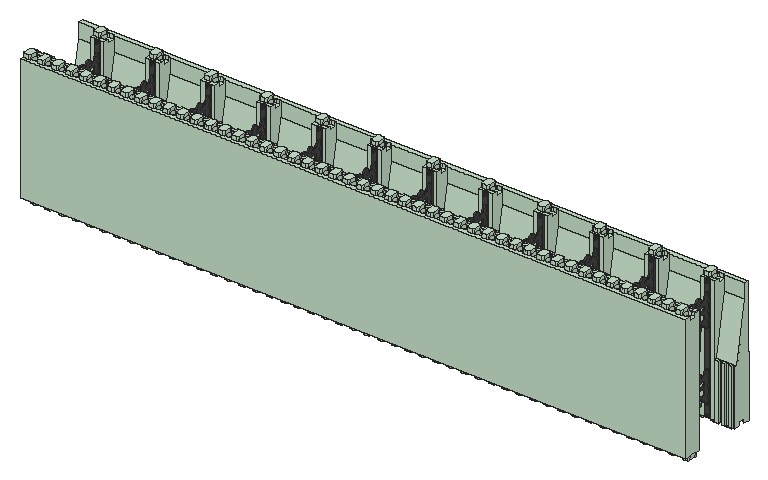
Revit family (continued)
Forms (in)
  Extrusion 172, solid, material "EPs- NUDURA- Foam Panel"
    sketch origin (0, 0, 0) x (1, 0, 0) y (0, 1, 0)
      loop
        line (6.28117, 3.25) -> (6.21883, 3) -> (6.78117, 3) -> (6.71883, 3.25) -> (6.28117, 3.25)
      loop
        line (7.28117, 3.25) -> (7.21883, 3) -> (7.78117, 3) -> (7.71883, 3.25) -> (7.28117, 3.25)
      loop
        line (8.28117, 3.25) -> (8.21883, 3) -> (8.78117, 3) -> (8.71883, 3.25) -> (8.28117, 3.25)
      loop
        line (9.28117, 3.25) -> (9.21883, 3) -> (9.78117, 3) -> (9.71883, 3.25) -> (9.28117, 3.25)
      loop
        line (10.28117, 3.25) -> (10.21883, 3) -> (10.78117, 3) -> (10.71883, 3.25) -> (10.28117, 3.25)
      loop
        line (13.28117, 3.25) -> (13.21883, 3) -> (13.78117, 3) -> (13.71883, 3.25) -> (13.28117, 3.25)
      loop
        line (14.28117, 3.25) -> (14.21883, 3) -> (14.78117, 3) -> (14.71883, 3.25) -> (14.28117, 3.25)
      loop
        line (15.28117, 3.25) -> (15.21883, 3) -> (15.78117, 3) -> (15.71883, 3.25) -> (15.28117, 3.25)
      loop
        line (16.28117, 3.25) -> (16.21883, 3) -> (16.78117, 3) -> (16.71883, 3.25) -> (16.28117, 3.25)
      loop
        line (17.28117, 3.25) -> (17.21883, 3) -> (17.78117, 3) -> (17.71883, 3.25) -> (17.28117, 3.25)
      loop
        line (18.28117, 3.25) -> (18.21883, 3) -> (18.78117, 3) -> (18.71883, 3.25) -> (18.28117, 3.25)
      loop
        line (21.28117, 3.25) -> (21.21883, 3) -> (21.78117, 3) -> (21.71883, 3.25) -> (21.28117, 3.25)
      loop
        line (22.28117, 3.25) -> (22.21883, 3) -> (22.78117, 3) -> (22.71883, 3.25) -> (22.28117, 3.25)
      loop
        line (23.28117, 3.25) -> (23.21883, 3) -> (23.78117, 3) -> (23.71883, 3.25) -> (23.28117, 3.25)
      loop
        line (24.28117, 3.25) -> (24.21883, 3) -> (24.78117, 3) -> (24.71883, 3.25) -> (24.28117, 3.25)
      loop
        line (25.28117, 3.25) -> (25.21883, 3) -> (25.78117, 3) -> (25.71883, 3.25) -> (25.28117, 3.25)
      loop
        line (26.28117, 3.25) -> (26.21883, 3) -> (26.78117, 3) -> (26.71883, 3.25) -> (26.28117, 3.25)
      loop
        line (29.28117, 3.25) -> (29.21883, 3) -> (29.78117, 3) -> (29.71883, 3.25) -> (29.28117, 3.25)
      loop
        line (30.28117, 3.25) -> (30.21883, 3) -> (30.78117, 3) -> (30.71883, 3.25) -> (30.28117, 3.25)
      loop
        line (31.28117, 3.25) -> (31.21883, 3) -> (31.78117, 3) -> (31.71883, 3.25) -> (31.28117, 3.25)
      loop
        line (32.28117, 3.25) -> (32.21883, 3) -> (32.78117, 3) -> (32.71883, 3.25) -> (32.28117, 3.25)
      loop
        line (33.28117, 3.25) -> (33.21883, 3) -> (33.78117, 3) -> (33.71883, 3.25) -> (33.28117, 3.25)
      loop
        line (34.28117, 3.25) -> (34.21883, 3) -> (34.78117, 3) -> (34.71883, 3.25) -> (34.28117, 3.25)
      loop
        line (37.28117, 3.25) -> (37.21883, 3) -> (37.78117, 3) -> (37.71883, 3.25) -> (37.28117, 3.25)
      loop
        line (38.28117, 3.25) -> (38.21883, 3) -> (38.78117, 3) -> (38.71883, 3.25) -> (38.28117, 3.25)
      loop
        line (39.28117, 3.25) -> (39.21883, 3) -> (39.78117, 3) -> (39.71883, 3.25) -> (39.28117, 3.25)
      loop
        line (40.28117, 3.25) -> (40.21883, 3) -> (40.78117, 3) -> (40.71883, 3.25) -> (40.28117, 3.25)
      loop
        line (41.28117, 3.25) -> (41.21883, 3) -> (41.78117, 3) -> (41.71883, 3.25) -> (41.28117, 3.25)
      loop
        line (42.28117, 3.25) -> (42.21883, 3) -> (42.78117, 3) -> (42.71883, 3.25) -> (42.28117, 3.25)
      loop
        line (45.28117, 3.25) -> (45.21883, 3) -> (45.78117, 3) -> (45.71883, 3.25) -> (45.28117, 3.25)
      loop
        line (46.28117, 3.25) -> (46.21883, 3) -> (46.78117, 3) -> (46.71883, 3.25) -> (46.28117, 3.25)
      loop
        line (47.28117, 3.25) -> (47.21883, 3) -> (47.78117, 3) -> (47.71883, 3.25) -> (47.28117, 3.25)
      loop
        line (48.28117, 3.25) -> (48.21883, 3) -> (48.78117, 3) -> (48.71883, 3.25) -> (48.28117, 3.25)
      loop
        line (49.28117, 3.25) -> (49.21883, 3) -> (49.78117, 3) -> (49.71883, 3.25) -> (49.28117, 3.25)
      loop
        line (50.28117, 3.25) -> (50.21883, 3) -> (50.78117, 3) -> (50.71883, 3.25) -> (50.28117, 3.25)
      loop
        line (53.28117, 3.25) -> (53.21883, 3) -> (53.78117, 3) -> (53.71883, 3.25) -> (53.28117, 3.25)
      loop
        line (54.28117, 3.25) -> (54.21883, 3) -> (54.78117, 3) -> (54.71883, 3.25) -> (54.28117, 3.25)
      loop
        line (55.28117, 3.25) -> (55.21883, 3) -> (55.78117, 3) -> (55.71883, 3.25) -> (55.28117, 3.25)
      loop
        line (56.28117, 3.25) -> (56.21883, 3) -> (56.78117, 3) -> (56.71883, 3.25) -> (56.28117, 3.25)
      loop
        line (57.28117, 3.25) -> (57.21883, 3) -> (57.78117, 3) -> (57.71883, 3.25) -> (57.28117, 3.25)
      loop
        line (58.28117, 3.25) -> (58.21883, 3) -> (58.78117, 3) -> (58.71883, 3.25) -> (58.28117, 3.25)
      loop
        line (61.28117, 3.25) -> (61.21883, 3) -> (61.78117, 3) -> (61.71883, 3.25) -> (61.28117, 3.25)
      loop
        line (62.28117, 3.25) -> (62.21883, 3) -> (62.78117, 3) -> (62.71883, 3.25) -> (62.28117, 3.25)
      loop
        line (63.28117, 3.25) -> (63.21883, 3) -> (63.78117, 3) -> (63.71883, 3.25) -> (63.28117, 3.25)
      loop
        line (64.28117, 3.25) -> (64.21883, 3) -> (64.78117, 3) -> (64.71883, 3.25) -> (64.28117, 3.25)
      loop
        line (65.28117, 3.25) -> (65.21883, 3) -> (65.78117, 3) -> (65.71883, 3.25) -> (65.28117, 3.25)
      loop
        line (66.28117, 3.25) -> (66.21883, 3) -> (66.78117, 3) -> (66.71883, 3.25) -> (66.28117, 3.25)
      loop
        line (69.28117, 3.25) -> (69.21883, 3) -> (69.78117, 3) -> (69.71883, 3.25) -> (69.28117, 3.25)
      loop
        line (70.28117, 3.25) -> (70.21883, 3) -> (70.78117, 3) -> (70.71883, 3.25) -> (70.28117, 3.25)
      loop
        line (71.28117, 3.25) -> (71.21883, 3) -> (71.78117, 3) -> (71.71883, 3.25) -> (71.28117, 3.25)
      loop
        line (72.28117, 3.25) -> (72.21883, 3) -> (72.78117, 3) -> (72.71883, 3.25) -> (72.28117, 3.25)
      loop
        line (73.28117, 3.25) -> (73.21883, 3) -> (73.78117, 3) -> (73.71883, 3.25) -> (73.28117, 3.25)
      loop
        line (74.28117, 3.25) -> (74.21883, 3) -> (74.78117, 3) -> (74.71883, 3.25) -> (74.28117, 3.25)
      loop
        line (77.28117, 3.25) -> (77.21883, 3) -> (77.78117, 3) -> (77.71883, 3.25) -> (77.28117, 3.25)
      loop
        line (78.28117, 3.25) -> (78.21883, 3) -> (78.78117, 3) -> (78.71883, 3.25) -> (78.28117, 3.25)
      loop
        line (79.28117, 3.25) -> (79.21883, 3) -> (79.78117, 3) -> (79.71883, 3.25) -> (79.28117, 3.25)
      loop
        line (80.28117, 3.25) -> (80.21883, 3) -> (80.78117, 3) -> (80.71883, 3.25) -> (80.28117, 3.25)
      loop
        line (81.28117, 3.25) -> (81.21883, 3) -> (81.78117, 3) -> (81.71883, 3.25) -> (81.28117, 3.25)
      loop
        line (82.28117, 3.25) -> (82.21883, 3) -> (82.78117, 3) -> (82.71883, 3.25) -> (82.28117, 3.25)
      loop
        line (85.28117, 3.25) -> (85.21883, 3) -> (85.78117, 3) -> (85.71883, 3.25) -> (85.28117, 3.25)
      loop
        line (86.28117, 3.25) -> (86.21883, 3) -> (86.78117, 3) -> (86.71883, 3.25) -> (86.28117, 3.25)
      loop
        line (87.28117, 3.25) -> (87.21883, 3) -> (87.78117, 3) -> (87.71883, 3.25) -> (87.28117, 3.25)
      loop
        line (88.28117, 3.25) -> (88.21883, 3) -> (88.78117, 3) -> (88.71883, 3.25) -> (88.28117, 3.25)
      loop
        line (89.28117, 3.25) -> (89.21883, 3) -> (89.78117, 3) -> (89.71883, 3.25) -> (89.28117, 3.25)
      loop
        line (90.28117, 3.25) -> (90.21883, 3) -> (90.78117, 3) -> (90.71883, 3.25) -> (90.28117, 3.25)
      loop
        line (93.28117, 3.25) -> (93.21883, 3) -> (93.78117, 3) -> (93.71883, 3.25) -> (93.28117, 3.25)
      loop
        line (94.28117, 3.25) -> (94.21883, 3) -> (94.78117, 3) -> (94.71883, 3.25) -> (94.28117, 3.25)
      loop
        line (95.28117, 3.25) -> (95.21883, 3) -> (95.78117, 3) -> (95.71883, 3.25) -> (95.28117, 3.25)
    from 0 to 8
Cuts and joins
  Extrusion 2, Extrusion 3, Extrusion 4, Extrusion 5, Extrusion 6, Extrusion 7, Extrusion 8, Extrusion 9, Extrusion 10, Extrusion 11, Extrusion 12, Extrusion 13, Extrusion 14, Extrusion 15, Extrusion 16, Extrusion 17, Extrusion 18, Extrusion 19, Extrusion 20, Extrusion 21, Extrusion 22, Extrusion 23, Extrusion 24, Extrusion 25, Extrusion 26, Extrusion 27, Extrusion 28, Extrusion 29, Extrusion 30, Extrusion 31, Extrusion 32, Extrusion 33, Extrusion 34, Extrusion 35, Extrusion 36, Extrusion 37, Extrusion 38, Extrusion 39, Extrusion 40, Extrusion 41, Extrusion 42, Extrusion 43, Extrusion 44, Extrusion 45, Extrusion 46, Extrusion 47, Extrusion 48, Extrusion 49, Extrusion 50, Extrusion 51, Extrusion 52, Extrusion 53, Extrusion 54, Extrusion 55, Extrusion 56, Extrusion 57, Extrusion 58, Extrusion 59, Extrusion 60, Extrusion 61, Extrusion 62, Extrusion 63, Extrusion 64, Extrusion 65, Extrusion 66, Extrusion 67, Extrusion 68, Extrusion 69, Extrusion 70, Extrusion 71, Extrusion 72, Extrusion 73, Extrusion 74, Extrusion 75, Extrusion 76, Extrusion 77, Extrusion 78, Extrusion 79, Extrusion 80, Extrusion 81, Extrusion 82, Extrusion 83, Extrusion 84, Extrusion 85, Extrusion 86, Extrusion 87, Extrusion 88, Extrusion 89, Extrusion 90, Extrusion 91, Extrusion 92, Extrusion 93, Extrusion 94, Extrusion 95, Extrusion 96, Extrusion 97, Extrusion 98, Extrusion 99, Extrusion 100, Extrusion 101, Extrusion 102, Extrusion 103, Extrusion 104, Extrusion 105, Extrusion 106, Extrusion 107, Extrusion 108, Extrusion 109, Extrusion 110, Extrusion 111, Extrusion 112, Extrusion 113, Extrusion 114, Extrusion 115, Extrusion 116, Extrusion 117, Extrusion 118, Extrusion 119, Extrusion 120, Extrusion 121, Extrusion 122, Extrusion 123, Extrusion 124, Extrusion 125, Extrusion 126, Extrusion 127, Extrusion 128, Extrusion 129, Extrusion 130, Extrusion 131, Extrusion 132, Extrusion 133, Extrusion 134, Extrusion 135, Extrusion 136, Extrusion 137, Extrusion 138, Extrusion 139, Extrusion 140, Extrusion 141, Extrusion 142, Extrusion 143, Extrusion 144, Extrusion 145, Extrusion 146, Extrusion 147, Extrusion 148, Extrusion 149, Extrusion 150, Extrusion 151, Extrusion 152, Extrusion 153, Extrusion 154, Extrusion 155, Extrusion 156, Extrusion 157 cuts Extrusion 1
  Extrusion 50, Extrusion 51, Extrusion 52, Extrusion 53, Extrusion 54, Extrusion 55, Extrusion 56, Extrusion 57, Extrusion 58, Extrusion 59, Extrusion 60, Extrusion 61, Extrusion 110, Extrusion 111, Extrusion 112, Extrusion 113, Extrusion 114, Extrusion 115, Extrusion 116, Extrusion 117, Extrusion 118, Extrusion 119, Extrusion 120, Extrusion 121, Extrusion 122, Extrusion 123, Extrusion 124, Extrusion 125, Extrusion 126, Extrusion 127, Extrusion 128, Extrusion 129, Extrusion 130, Extrusion 131, Extrusion 132, Extrusion 133, Extrusion 134, Extrusion 135, Extrusion 136, Extrusion 137, Extrusion 138, Extrusion 139, Extrusion 140, Extrusion 141, Extrusion 142, Extrusion 143, Extrusion 144, Extrusion 145, Extrusion 146, Extrusion 147, Extrusion 148, Extrusion 149, Extrusion 150, Extrusion 151, Extrusion 152, Extrusion 153, Extrusion 154, Extrusion 155, Extrusion 156, Extrusion 157 cuts Extrusion 158
  Extrusion 61 cuts Extrusion 159
  Extrusion 60 cuts Extrusion 160
  Extrusion 59 cuts Extrusion 161
  Extrusion 58 cuts Extrusion 162
  Extrusion 57 cuts Extrusion 163
  Extrusion 56 cuts Extrusion 164
  Extrusion 55 cuts Extrusion 165
  Extrusion 54 cuts Extrusion 166
  Extrusion 53 cuts Extrusion 167
  Extrusion 53 cuts Extrusion 168
  Extrusion 52 cuts Extrusion 169
  Extrusion 51 cuts Extrusion 170
  Extrusion 50 cuts Extrusion 171
  joined: Extrusion 158, Extrusion 159, Extrusion 160, Extrusion 161, Extrusion 162, Extrusion 163, Extrusion 164, Extrusion 165, Extrusion 166, Extrusion 167, Extrusion 168, Extrusion 169, Extrusion 170, Extrusion 171, Extrusion 172
Lines and regions (in)
  model lines
    curve 1: line (8, -5.625, 18) -> (8, -5.625, 0)
    curve 2: line (88, 5.625, 18) -> (88, 5.625, 0)
    curve 3: line (64, 5.625, 18) -> (64, 5.625, 0)
    curve 4: line (40, 5.625, 18) -> (40, 5.625, 0)
    curve 5: line (16, 5.625, 18) -> (16, 5.625, 0)
Dimensions and locks (in)
  locked: plane 3 "Center (Left/Right)" to plane 4 at 96
  locked: plane 6 to plane 5 at 6
  equal spacing: plane 6, plane 1 "Center (Front/Back)", plane 5
  locked: plane 5 to plane 7 at 2.625
  locked: plane 8 to plane 6 at 2.625
  locked: plane 9 to level at 18
  locked: plane 4 to plane 3 "Center (Left/Right)" at 96
  locked: plane 9 to plane 10 at 0.5
  locked: plane 11 to level at 0.5
  aligned and locked: plane 9 to Extrusion 1
  aligned and locked: Extrusion 1 to plane 3 "Center (Left/Right)"
  aligned and locked: plane 4 to Extrusion 1
  aligned and locked: level to Extrusion 1
  aligned and locked: nested 1 to plane 8
  aligned and locked: nested 124 to cut or joined group of Extrusion 1, Extrusion 2, Extrusion 3, Extrusion 4, Extrusion 5, Extrusion 6, Extrusion 7, Extrusion 8, Extrusion 9, Extrusion 10, Extrusion 11, Extrusion 12, Extrusion 13, Extrusion 14, Extrusion 15, Extrusion 16, Extrusion 17, Extrusion 18, Extrusion 19, Extrusion 20, Extrusion 21, Extrusion 22, Extrusion 23, Extrusion 24, Extrusion 25, Extrusion 26, Extrusion 27, Extrusion 28, Extrusion 29, Extrusion 30, Extrusion 31, Extrusion 32, Extrusion 33, Extrusion 34, Extrusion 35, Extrusion 36, Extrusion 37, Extrusion 38, Extrusion 39, Extrusion 40, Extrusion 41, Extrusion 42, Extrusion 43, Extrusion 44, Extrusion 45, Extrusion 46, Extrusion 47, Extrusion 48, Extrusion 49, Extrusion 50, Extrusion 51, Extrusion 52, Extrusion 53, Extrusion 54, Extrusion 55, Extrusion 56, Extrusion 57, Extrusion 58, Extrusion 59, Extrusion 60, Extrusion 61, Extrusion 62, Extrusion 63, Extrusion 64, Extrusion 65, Extrusion 66, Extrusion 67, Extrusion 68, Extrusion 69, Extrusion 70, Extrusion 71, Extrusion 72, Extrusion 73, Extrusion 74, Extrusion 75, Extrusion 76, Extrusion 77, Extrusion 78, Extrusion 79, Extrusion 80, Extrusion 81, Extrusion 82, Extrusion 83, Extrusion 84, Extrusion 85, Extrusion 86, Extrusion 87, Extrusion 88, Extrusion 89, Extrusion 90, Extrusion 91, Extrusion 92, Extrusion 93, Extrusion 94, Extrusion 95, Extrusion 96, Extrusion 97, Extrusion 98, Extrusion 99, Extrusion 100, Extrusion 101, Extrusion 102, Extrusion 103, Extrusion 104, Extrusion 105, Extrusion 106, Extrusion 107, Extrusion 108, Extrusion 109, Extrusion 110, Extrusion 111, Extrusion 112, Extrusion 113, Extrusion 114, Extrusion 115, Extrusion 116, Extrusion 117, Extrusion 118, Extrusion 119, Extrusion 120, Extrusion 121, Extrusion 122, Extrusion 123, Extrusion 124, Extrusion 125, Extrusion 126, Extrusion 127, Extrusion 128, Extrusion 129, Extrusion 130, Extrusion 131, Extrusion 132, Extrusion 133, Extrusion 134, Extrusion 135, Extrusion 136, Extrusion 137, Extrusion 138, Extrusion 139, Extrusion 140, Extrusion 141, Extrusion 142, Extrusion 143, Extrusion 144, Extrusion 145, Extrusion 146, Extrusion 147, Extrusion 148, Extrusion 149, Extrusion 150, Extrusion 151, Extrusion 152, Extrusion 153, Extrusion 154, Extrusion 155, Extrusion 156, Extrusion 157
Automatic sketch dimensions
  Extrusion 1 sketch curve to plane 3 "Center (Left/Right)" = 0' - 0"
  plane 6 to Extrusion 1 sketch curve = 0' - 0"  (x72)
  Extrusion 1 sketch curve to plane 4 = 0' - 0"
  plane 8 to Extrusion 1 sketch curve = 0' - 0"
  plane 3 "Center (Left/Right)" to Extrusion 1 sketch curve = 0' - 0.21883"
  Extrusion 1 sketch curve to Extrusion 1 sketch curve = 0' - 0.06233"  (x143)
  plane 6 to Extrusion 1 sketch curve = 0' - 0 1/4"  (x73)
  Extrusion 1 sketch curve to Extrusion 1 sketch curve = 0' - 0.43767"  (x130)
  Extrusion 1 sketch curve to Extrusion 1 sketch curve = 0' - 2.43767"  (x12)
  Extrusion 1 sketch curve to plane 4 = 0' - 0.28117"
  Extrusion 1 sketch curve to plane 4 = 0' - 0.21883"
  plane 3 "Center (Left/Right)" to Extrusion 2 sketch curve = 0' - 1"
  Extrusion 2 sketch curve to Extrusion 2 sketch curve = 0' - 0.17308"  (x2)
  Extrusion 2 sketch curve to Extrusion 2 sketch curve = 0' - 0"  (x5)
  Extrusion 2 sketch curve to Extrusion 2 sketch curve = 0' - 0 1/4"  (x5)
  Extrusion 2 sketch curve to Extrusion 2 sketch curve = 0' - 0.17323"
  Extrusion 2 sketch curve to Extrusion 2 sketch curve = 0' - 0.01019"
  Extrusion 2 sketch curve to Extrusion 2 sketch curve = 0' - 0.07677"
  Extrusion 2 sketch curve to Extrusion 2 sketch curve = 0' - 0.07692"
  Extrusion 2 sketch curve to Extrusion 2 sketch curve = 0' - 0.17083"
  Extrusion 2 sketch curve to Extrusion 2 sketch curve = 0' - 0.01665"
  Extrusion 2 sketch curve to plane 8 = 0' - 0.48905"
  Extrusion 2 sketch curve to Extrusion 2 sketch curve = 0' - 0.14808"
  Extrusion 2 sketch curve to Extrusion 2 sketch curve = 0' - 0.33686"
  Extrusion 2 sketch curve to Extrusion 2 sketch curve = 0' - 0.2216"
  Extrusion 3 sketch curve to plane 8 = 0' - 0.72692"
  plane 3 "Center (Left/Right)" to Extrusion 3 sketch curve = 0' - 3"
  Extrusion 3 sketch curve to Extrusion 3 sketch curve = 0' - 0.17308"  (x2)
  Extrusion 3 sketch curve to Extrusion 3 sketch curve = 0' - 0"  (x5)
  Extrusion 3 sketch curve to Extrusion 3 sketch curve = 0' - 0 1/4"  (x4)
  Extrusion 3 sketch curve to Extrusion 3 sketch curve = 0' - 0.07692"  (x2)
  Extrusion 3 sketch curve to Extrusion 3 sketch curve = 0' - 0.17323"
  Extrusion 3 sketch curve to Extrusion 3 sketch curve = 0' - 0.01019"
  Extrusion 3 sketch curve to Extrusion 3 sketch curve = 0' - 0.07677"
  Extrusion 3 sketch curve to Extrusion 3 sketch curve = 0' - 0.17083"
  Extrusion 3 sketch curve to Extrusion 3 sketch curve = 0' - 0.01665"
  Extrusion 3 sketch curve to Extrusion 3 sketch curve = 0' - 0.14808"
  Extrusion 3 sketch curve to Extrusion 3 sketch curve = 0' - 0.33686"
  Extrusion 3 sketch curve to Extrusion 3 sketch curve = 0' - 0.2216"
  Extrusion 4 sketch curve to plane 8 = 0' - 0.72692"
  plane 3 "Center (Left/Right)" to Extrusion 4 sketch curve = 0' - 5"
  Extrusion 4 sketch curve to Extrusion 4 sketch curve = 0' - 0.17308"  (x2)
  Extrusion 4 sketch curve to Extrusion 4 sketch curve = 0' - 0"  (x5)
  Extrusion 4 sketch curve to Extrusion 4 sketch curve = 0' - 0 1/4"  (x4)
  Extrusion 4 sketch curve to Extrusion 4 sketch curve = 0' - 0.07692"  (x2)
  Extrusion 4 sketch curve to Extrusion 4 sketch curve = 0' - 0.17323"
  Extrusion 4 sketch curve to Extrusion 4 sketch curve = 0' - 0.01019"
  Extrusion 4 sketch curve to Extrusion 4 sketch curve = 0' - 0.07677"
  Extrusion 4 sketch curve to Extrusion 4 sketch curve = 0' - 0.17083"
  Extrusion 4 sketch curve to Extrusion 4 sketch curve = 0' - 0.01665"
  Extrusion 4 sketch curve to Extrusion 4 sketch curve = 0' - 0.14808"
  Extrusion 4 sketch curve to Extrusion 4 sketch curve = 0' - 0.33686"
  Extrusion 4 sketch curve to Extrusion 4 sketch curve = 0' - 0.2216"
  Extrusion 5 sketch curve to plane 8 = 0' - 0.72692"
  plane 3 "Center (Left/Right)" to Extrusion 5 sketch curve = 0' - 7"
  Extrusion 5 sketch curve to Extrusion 5 sketch curve = 0' - 0.17308"  (x2)
  Extrusion 5 sketch curve to Extrusion 5 sketch curve = 0' - 0"  (x5)
  Extrusion 5 sketch curve to Extrusion 5 sketch curve = 0' - 0 1/4"  (x4)
  Extrusion 5 sketch curve to Extrusion 5 sketch curve = 0' - 0.07692"  (x2)
  Extrusion 5 sketch curve to Extrusion 5 sketch curve = 0' - 0.17323"
  Extrusion 5 sketch curve to Extrusion 5 sketch curve = 0' - 0.01019"
  Extrusion 5 sketch curve to Extrusion 5 sketch curve = 0' - 0.07677"
  Extrusion 5 sketch curve to Extrusion 5 sketch curve = 0' - 0.17083"
  Extrusion 5 sketch curve to Extrusion 5 sketch curve = 0' - 0.01665"
  Extrusion 5 sketch curve to Extrusion 5 sketch curve = 0' - 0.14808"
  Extrusion 5 sketch curve to Extrusion 5 sketch curve = 0' - 0.33686"
  Extrusion 5 sketch curve to Extrusion 5 sketch curve = 0' - 0.2216"
  Extrusion 6 sketch curve to plane 8 = 0' - 0.72692"
  plane 3 "Center (Left/Right)" to Extrusion 6 sketch curve = 0' - 9"
  Extrusion 6 sketch curve to Extrusion 6 sketch curve = 0' - 0.17308"  (x2)
  Extrusion 6 sketch curve to Extrusion 6 sketch curve = 0' - 0"  (x5)
  Extrusion 6 sketch curve to Extrusion 6 sketch curve = 0' - 0 1/4"  (x4)
  Extrusion 6 sketch curve to Extrusion 6 sketch curve = 0' - 0.07692"  (x2)
  Extrusion 6 sketch curve to Extrusion 6 sketch curve = 0' - 0.17323"
  Extrusion 6 sketch curve to Extrusion 6 sketch curve = 0' - 0.01019"
  Extrusion 6 sketch curve to Extrusion 6 sketch curve = 0' - 0.07677"
  Extrusion 6 sketch curve to Extrusion 6 sketch curve = 0' - 0.17083"
  Extrusion 6 sketch curve to Extrusion 6 sketch curve = 0' - 0.01665"
  Extrusion 6 sketch curve to Extrusion 6 sketch curve = 0' - 0.14808"
  Extrusion 6 sketch curve to Extrusion 6 sketch curve = 0' - 0.33686"
  Extrusion 6 sketch curve to Extrusion 6 sketch curve = 0' - 0.2216"
  Extrusion 7 sketch curve to plane 8 = 0' - 0.72692"
  plane 3 "Center (Left/Right)" to Extrusion 7 sketch curve = 0' - 11"
  Extrusion 7 sketch curve to Extrusion 7 sketch curve = 0' - 0.17308"  (x2)
  Extrusion 7 sketch curve to Extrusion 7 sketch curve = 0' - 0"  (x5)
  Extrusion 7 sketch curve to Extrusion 7 sketch curve = 0' - 0 1/4"  (x4)
  Extrusion 7 sketch curve to Extrusion 7 sketch curve = 0' - 0.07692"  (x2)
  Extrusion 7 sketch curve to Extrusion 7 sketch curve = 0' - 0.17323"
  Extrusion 7 sketch curve to Extrusion 7 sketch curve = 0' - 0.01019"
  Extrusion 7 sketch curve to Extrusion 7 sketch curve = 0' - 0.07677"
  Extrusion 7 sketch curve to Extrusion 7 sketch curve = 0' - 0.17083"
  Extrusion 7 sketch curve to Extrusion 7 sketch curve = 0' - 0.01665"
  Extrusion 7 sketch curve to Extrusion 7 sketch curve = 0' - 0.14808"
  Extrusion 7 sketch curve to Extrusion 7 sketch curve = 0' - 0.33686"
  Extrusion 7 sketch curve to Extrusion 7 sketch curve = 0' - 0.2216"
  Extrusion 8 sketch curve to plane 8 = 0' - 0.72692"
  plane 3 "Center (Left/Right)" to Extrusion 8 sketch curve = 1' - 1"
  Extrusion 8 sketch curve to Extrusion 8 sketch curve = 0' - 0.17308"  (x2)
  Extrusion 8 sketch curve to Extrusion 8 sketch curve = 0' - 0"  (x5)
  Extrusion 8 sketch curve to Extrusion 8 sketch curve = 0' - 0 1/4"  (x4)
  Extrusion 8 sketch curve to Extrusion 8 sketch curve = 0' - 0.07692"  (x2)
  Extrusion 8 sketch curve to Extrusion 8 sketch curve = 0' - 0.17323"
  Extrusion 8 sketch curve to Extrusion 8 sketch curve = 0' - 0.01019"
  Extrusion 8 sketch curve to Extrusion 8 sketch curve = 0' - 0.07677"
  Extrusion 8 sketch curve to Extrusion 8 sketch curve = 0' - 0.17083"
  Extrusion 8 sketch curve to Extrusion 8 sketch curve = 0' - 0.01665"
  Extrusion 8 sketch curve to Extrusion 8 sketch curve = 0' - 0.14808"
  Extrusion 8 sketch curve to Extrusion 8 sketch curve = 0' - 0.33686"
  Extrusion 8 sketch curve to Extrusion 8 sketch curve = 0' - 0.2216"
  Extrusion 9 sketch curve to plane 8 = 0' - 0.72692"
  plane 3 "Center (Left/Right)" to Extrusion 9 sketch curve = 1' - 3"
  Extrusion 9 sketch curve to Extrusion 9 sketch curve = 0' - 0.17308"  (x2)
  Extrusion 9 sketch curve to Extrusion 9 sketch curve = 0' - 0"  (x5)
  Extrusion 9 sketch curve to Extrusion 9 sketch curve = 0' - 0 1/4"  (x4)
  Extrusion 9 sketch curve to Extrusion 9 sketch curve = 0' - 0.07692"  (x2)
  Extrusion 9 sketch curve to Extrusion 9 sketch curve = 0' - 0.17323"
  Extrusion 9 sketch curve to Extrusion 9 sketch curve = 0' - 0.01019"
  Extrusion 9 sketch curve to Extrusion 9 sketch curve = 0' - 0.07677"
  Extrusion 9 sketch curve to Extrusion 9 sketch curve = 0' - 0.17083"
  Extrusion 9 sketch curve to Extrusion 9 sketch curve = 0' - 0.01665"
  Extrusion 9 sketch curve to Extrusion 9 sketch curve = 0' - 0.14808"
  Extrusion 9 sketch curve to Extrusion 9 sketch curve = 0' - 0.33686"
  Extrusion 9 sketch curve to Extrusion 9 sketch curve = 0' - 0.2216"
  Extrusion 10 sketch curve to plane 8 = 0' - 0.72692"
  plane 3 "Center (Left/Right)" to Extrusion 10 sketch curve = 1' - 5"
  Extrusion 10 sketch curve to Extrusion 10 sketch curve = 0' - 0.17308"  (x2)
  Extrusion 10 sketch curve to Extrusion 10 sketch curve = 0' - 0"  (x5)
  Extrusion 10 sketch curve to Extrusion 10 sketch curve = 0' - 0 1/4"  (x4)
  Extrusion 10 sketch curve to Extrusion 10 sketch curve = 0' - 0.07692"  (x2)
  Extrusion 10 sketch curve to Extrusion 10 sketch curve = 0' - 0.17323"
  Extrusion 10 sketch curve to Extrusion 10 sketch curve = 0' - 0.01019"
  Extrusion 10 sketch curve to Extrusion 10 sketch curve = 0' - 0.07677"
  Extrusion 10 sketch curve to Extrusion 10 sketch curve = 0' - 0.17083"
  Extrusion 10 sketch curve to Extrusion 10 sketch curve = 0' - 0.01665"
  Extrusion 10 sketch curve to Extrusion 10 sketch curve = 0' - 0.14808"
  Extrusion 10 sketch curve to Extrusion 10 sketch curve = 0' - 0.33686"
  Extrusion 10 sketch curve to Extrusion 10 sketch curve = 0' - 0.2216"
  Extrusion 11 sketch curve to plane 8 = 0' - 0.72692"
  plane 3 "Center (Left/Right)" to Extrusion 11 sketch curve = 1' - 7"
  Extrusion 11 sketch curve to Extrusion 11 sketch curve = 0' - 0.17308"  (x2)
  Extrusion 11 sketch curve to Extrusion 11 sketch curve = 0' - 0"  (x5)
  Extrusion 11 sketch curve to Extrusion 11 sketch curve = 0' - 0 1/4"  (x4)
  Extrusion 11 sketch curve to Extrusion 11 sketch curve = 0' - 0.07692"  (x2)
  Extrusion 11 sketch curve to Extrusion 11 sketch curve = 0' - 0.17323"
  Extrusion 11 sketch curve to Extrusion 11 sketch curve = 0' - 0.01019"
  Extrusion 11 sketch curve to Extrusion 11 sketch curve = 0' - 0.07677"
  Extrusion 11 sketch curve to Extrusion 11 sketch curve = 0' - 0.17083"
  Extrusion 11 sketch curve to Extrusion 11 sketch curve = 0' - 0.01665"
  Extrusion 11 sketch curve to Extrusion 11 sketch curve = 0' - 0.14808"
  Extrusion 11 sketch curve to Extrusion 11 sketch curve = 0' - 0.33686"
  Extrusion 11 sketch curve to Extrusion 11 sketch curve = 0' - 0.2216"
  Extrusion 12 sketch curve to plane 8 = 0' - 0.72692"
  plane 3 "Center (Left/Right)" to Extrusion 12 sketch curve = 1' - 9"
  Extrusion 12 sketch curve to Extrusion 12 sketch curve = 0' - 0.17308"  (x2)
  Extrusion 12 sketch curve to Extrusion 12 sketch curve = 0' - 0"  (x5)
  Extrusion 12 sketch curve to Extrusion 12 sketch curve = 0' - 0 1/4"  (x4)
  Extrusion 12 sketch curve to Extrusion 12 sketch curve = 0' - 0.07692"  (x2)
  Extrusion 12 sketch curve to Extrusion 12 sketch curve = 0' - 0.17323"
  Extrusion 12 sketch curve to Extrusion 12 sketch curve = 0' - 0.01019"
  Extrusion 12 sketch curve to Extrusion 12 sketch curve = 0' - 0.07677"
  Extrusion 12 sketch curve to Extrusion 12 sketch curve = 0' - 0.17083"
  Extrusion 12 sketch curve to Extrusion 12 sketch curve = 0' - 0.01665"
  Extrusion 12 sketch curve to Extrusion 12 sketch curve = 0' - 0.14808"
  Extrusion 12 sketch curve to Extrusion 12 sketch curve = 0' - 0.33686"
  Extrusion 12 sketch curve to Extrusion 12 sketch curve = 0' - 0.2216"
  Extrusion 13 sketch curve to plane 8 = 0' - 0.72692"
  plane 3 "Center (Left/Right)" to Extrusion 13 sketch curve = 1' - 11"
  Extrusion 13 sketch curve to Extrusion 13 sketch curve = 0' - 0.17308"  (x2)
  Extrusion 13 sketch curve to Extrusion 13 sketch curve = 0' - 0"  (x5)
  Extrusion 13 sketch curve to Extrusion 13 sketch curve = 0' - 0 1/4"  (x4)
  Extrusion 13 sketch curve to Extrusion 13 sketch curve = 0' - 0.07692"  (x2)
  Extrusion 13 sketch curve to Extrusion 13 sketch curve = 0' - 0.17323"
  Extrusion 13 sketch curve to Extrusion 13 sketch curve = 0' - 0.01019"
  Extrusion 13 sketch curve to Extrusion 13 sketch curve = 0' - 0.07677"
  Extrusion 13 sketch curve to Extrusion 13 sketch curve = 0' - 0.17083"
  Extrusion 13 sketch curve to Extrusion 13 sketch curve = 0' - 0.01665"
  Extrusion 13 sketch curve to Extrusion 13 sketch curve = 0' - 0.14808"
  Extrusion 13 sketch curve to Extrusion 13 sketch curve = 0' - 0.33686"
  Extrusion 13 sketch curve to Extrusion 13 sketch curve = 0' - 0.2216"
  Extrusion 14 sketch curve to plane 8 = 0' - 0.72692"
  plane 3 "Center (Left/Right)" to Extrusion 14 sketch curve = 2' - 1"
  Extrusion 14 sketch curve to Extrusion 14 sketch curve = 0' - 0.17308"  (x2)
  Extrusion 14 sketch curve to Extrusion 14 sketch curve = 0' - 0"  (x5)
  Extrusion 14 sketch curve to Extrusion 14 sketch curve = 0' - 0 1/4"  (x4)
  Extrusion 14 sketch curve to Extrusion 14 sketch curve = 0' - 0.07692"  (x2)
  Extrusion 14 sketch curve to Extrusion 14 sketch curve = 0' - 0.17323"
  Extrusion 14 sketch curve to Extrusion 14 sketch curve = 0' - 0.01019"
  Extrusion 14 sketch curve to Extrusion 14 sketch curve = 0' - 0.07677"
  Extrusion 14 sketch curve to Extrusion 14 sketch curve = 0' - 0.17083"
  Extrusion 14 sketch curve to Extrusion 14 sketch curve = 0' - 0.01665"
  Extrusion 14 sketch curve to Extrusion 14 sketch curve = 0' - 0.14808"
  Extrusion 14 sketch curve to Extrusion 14 sketch curve = 0' - 0.33686"
  Extrusion 14 sketch curve to Extrusion 14 sketch curve = 0' - 0.2216"
  Extrusion 15 sketch curve to plane 8 = 0' - 0.72692"
  plane 3 "Center (Left/Right)" to Extrusion 15 sketch curve = 2' - 3"
  Extrusion 15 sketch curve to Extrusion 15 sketch curve = 0' - 0.17308"  (x2)
  Extrusion 15 sketch curve to Extrusion 15 sketch curve = 0' - 0"  (x5)
  Extrusion 15 sketch curve to Extrusion 15 sketch curve = 0' - 0 1/4"  (x4)
  Extrusion 15 sketch curve to Extrusion 15 sketch curve = 0' - 0.07692"  (x2)
  Extrusion 15 sketch curve to Extrusion 15 sketch curve = 0' - 0.17323"
  Extrusion 15 sketch curve to Extrusion 15 sketch curve = 0' - 0.01019"
  Extrusion 15 sketch curve to Extrusion 15 sketch curve = 0' - 0.07677"
  Extrusion 15 sketch curve to Extrusion 15 sketch curve = 0' - 0.17083"
  Extrusion 15 sketch curve to Extrusion 15 sketch curve = 0' - 0.01665"
  Extrusion 15 sketch curve to Extrusion 15 sketch curve = 0' - 0.14808"
  Extrusion 15 sketch curve to Extrusion 15 sketch curve = 0' - 0.33686"
  Extrusion 15 sketch curve to Extrusion 15 sketch curve = 0' - 0.2216"
  Extrusion 16 sketch curve to plane 8 = 0' - 0.72692"
  plane 3 "Center (Left/Right)" to Extrusion 16 sketch curve = 2' - 5"
  Extrusion 16 sketch curve to Extrusion 16 sketch curve = 0' - 0.17308"  (x2)
  Extrusion 16 sketch curve to Extrusion 16 sketch curve = 0' - 0"  (x5)
  Extrusion 16 sketch curve to Extrusion 16 sketch curve = 0' - 0 1/4"  (x4)
  Extrusion 16 sketch curve to Extrusion 16 sketch curve = 0' - 0.07692"  (x2)
  Extrusion 16 sketch curve to Extrusion 16 sketch curve = 0' - 0.17323"
  Extrusion 16 sketch curve to Extrusion 16 sketch curve = 0' - 0.01019"
  Extrusion 16 sketch curve to Extrusion 16 sketch curve = 0' - 0.07677"
  Extrusion 16 sketch curve to Extrusion 16 sketch curve = 0' - 0.17083"
  Extrusion 16 sketch curve to Extrusion 16 sketch curve = 0' - 0.01665"
  Extrusion 16 sketch curve to Extrusion 16 sketch curve = 0' - 0.14808"
  Extrusion 16 sketch curve to Extrusion 16 sketch curve = 0' - 0.33686"
  Extrusion 16 sketch curve to Extrusion 16 sketch curve = 0' - 0.2216"
  Extrusion 17 sketch curve to plane 8 = 0' - 0.72692"
  plane 3 "Center (Left/Right)" to Extrusion 17 sketch curve = 2' - 7"
  Extrusion 17 sketch curve to Extrusion 17 sketch curve = 0' - 0.17308"  (x2)
  Extrusion 17 sketch curve to Extrusion 17 sketch curve = 0' - 0"  (x5)
  Extrusion 17 sketch curve to Extrusion 17 sketch curve = 0' - 0 1/4"  (x4)
  Extrusion 17 sketch curve to Extrusion 17 sketch curve = 0' - 0.07692"  (x2)
  Extrusion 17 sketch curve to Extrusion 17 sketch curve = 0' - 0.17323"
  Extrusion 17 sketch curve to Extrusion 17 sketch curve = 0' - 0.01019"
  Extrusion 17 sketch curve to Extrusion 17 sketch curve = 0' - 0.07677"
  Extrusion 17 sketch curve to Extrusion 17 sketch curve = 0' - 0.17083"
  Extrusion 17 sketch curve to Extrusion 17 sketch curve = 0' - 0.01665"
  Extrusion 17 sketch curve to Extrusion 17 sketch curve = 0' - 0.14808"
  Extrusion 17 sketch curve to Extrusion 17 sketch curve = 0' - 0.33686"
  Extrusion 17 sketch curve to Extrusion 17 sketch curve = 0' - 0.2216"
  Extrusion 18 sketch curve to plane 8 = 0' - 0.72692"
  plane 3 "Center (Left/Right)" to Extrusion 18 sketch curve = 2' - 9"
  Extrusion 18 sketch curve to Extrusion 18 sketch curve = 0' - 0.17308"  (x2)
  Extrusion 18 sketch curve to Extrusion 18 sketch curve = 0' - 0"  (x5)
  Extrusion 18 sketch curve to Extrusion 18 sketch curve = 0' - 0 1/4"  (x4)
  Extrusion 18 sketch curve to Extrusion 18 sketch curve = 0' - 0.07692"  (x2)
  Extrusion 18 sketch curve to Extrusion 18 sketch curve = 0' - 0.17323"
  Extrusion 18 sketch curve to Extrusion 18 sketch curve = 0' - 0.01019"
  Extrusion 18 sketch curve to Extrusion 18 sketch curve = 0' - 0.07677"
  Extrusion 18 sketch curve to Extrusion 18 sketch curve = 0' - 0.17083"
  Extrusion 18 sketch curve to Extrusion 18 sketch curve = 0' - 0.01665"
  Extrusion 18 sketch curve to Extrusion 18 sketch curve = 0' - 0.14808"
  Extrusion 18 sketch curve to Extrusion 18 sketch curve = 0' - 0.33686"
  Extrusion 18 sketch curve to Extrusion 18 sketch curve = 0' - 0.2216"
  Extrusion 19 sketch curve to plane 8 = 0' - 0.72692"
  plane 3 "Center (Left/Right)" to Extrusion 19 sketch curve = 2' - 11"
  Extrusion 19 sketch curve to Extrusion 19 sketch curve = 0' - 0.17308"  (x2)
  Extrusion 19 sketch curve to Extrusion 19 sketch curve = 0' - 0"  (x5)
  Extrusion 19 sketch curve to Extrusion 19 sketch curve = 0' - 0 1/4"  (x4)
  Extrusion 19 sketch curve to Extrusion 19 sketch curve = 0' - 0.07692"  (x2)
  Extrusion 19 sketch curve to Extrusion 19 sketch curve = 0' - 0.17323"
  Extrusion 19 sketch curve to Extrusion 19 sketch curve = 0' - 0.01019"
  Extrusion 19 sketch curve to Extrusion 19 sketch curve = 0' - 0.07677"
  Extrusion 19 sketch curve to Extrusion 19 sketch curve = 0' - 0.17083"
  Extrusion 19 sketch curve to Extrusion 19 sketch curve = 0' - 0.01665"
  Extrusion 19 sketch curve to Extrusion 19 sketch curve = 0' - 0.14808"
  Extrusion 19 sketch curve to Extrusion 19 sketch curve = 0' - 0.33686"
  Extrusion 19 sketch curve to Extrusion 19 sketch curve = 0' - 0.2216"
  Extrusion 20 sketch curve to plane 8 = 0' - 0.72692"
  plane 3 "Center (Left/Right)" to Extrusion 20 sketch curve = 3' - 1"
  Extrusion 20 sketch curve to Extrusion 20 sketch curve = 0' - 0.17308"  (x2)
  Extrusion 20 sketch curve to Extrusion 20 sketch curve = 0' - 0"  (x5)
  Extrusion 20 sketch curve to Extrusion 20 sketch curve = 0' - 0 1/4"  (x4)
  Extrusion 20 sketch curve to Extrusion 20 sketch curve = 0' - 0.07692"  (x2)
  Extrusion 20 sketch curve to Extrusion 20 sketch curve = 0' - 0.17323"
  Extrusion 20 sketch curve to Extrusion 20 sketch curve = 0' - 0.01019"
  Extrusion 20 sketch curve to Extrusion 20 sketch curve = 0' - 0.07677"
  Extrusion 20 sketch curve to Extrusion 20 sketch curve = 0' - 0.17083"
  Extrusion 20 sketch curve to Extrusion 20 sketch curve = 0' - 0.01665"
  Extrusion 20 sketch curve to Extrusion 20 sketch curve = 0' - 0.14808"
  Extrusion 20 sketch curve to Extrusion 20 sketch curve = 0' - 0.33686"
  Extrusion 20 sketch curve to Extrusion 20 sketch curve = 0' - 0.2216"
  Extrusion 21 sketch curve to plane 8 = 0' - 0.72692"
  plane 3 "Center (Left/Right)" to Extrusion 21 sketch curve = 3' - 3"
  Extrusion 21 sketch curve to Extrusion 21 sketch curve = 0' - 0.17308"  (x2)
  Extrusion 21 sketch curve to Extrusion 21 sketch curve = 0' - 0"  (x5)
  Extrusion 21 sketch curve to Extrusion 21 sketch curve = 0' - 0 1/4"  (x4)
  Extrusion 21 sketch curve to Extrusion 21 sketch curve = 0' - 0.07692"  (x2)
  Extrusion 21 sketch curve to Extrusion 21 sketch curve = 0' - 0.17323"
  Extrusion 21 sketch curve to Extrusion 21 sketch curve = 0' - 0.01019"
  Extrusion 21 sketch curve to Extrusion 21 sketch curve = 0' - 0.07677"
  Extrusion 21 sketch curve to Extrusion 21 sketch curve = 0' - 0.17083"
  Extrusion 21 sketch curve to Extrusion 21 sketch curve = 0' - 0.01665"
  Extrusion 21 sketch curve to Extrusion 21 sketch curve = 0' - 0.14808"
  Extrusion 21 sketch curve to Extrusion 21 sketch curve = 0' - 0.33686"
  Extrusion 21 sketch curve to Extrusion 21 sketch curve = 0' - 0.2216"
  Extrusion 22 sketch curve to plane 8 = 0' - 0.72692"
  plane 3 "Center (Left/Right)" to Extrusion 22 sketch curve = 3' - 5"
  Extrusion 22 sketch curve to Extrusion 22 sketch curve = 0' - 0.17308"  (x2)
  Extrusion 22 sketch curve to Extrusion 22 sketch curve = 0' - 0"  (x5)
  Extrusion 22 sketch curve to Extrusion 22 sketch curve = 0' - 0 1/4"  (x4)
  Extrusion 22 sketch curve to Extrusion 22 sketch curve = 0' - 0.07692"  (x2)
  Extrusion 22 sketch curve to Extrusion 22 sketch curve = 0' - 0.17323"
  Extrusion 22 sketch curve to Extrusion 22 sketch curve = 0' - 0.01019"
  Extrusion 22 sketch curve to Extrusion 22 sketch curve = 0' - 0.07677"
  Extrusion 22 sketch curve to Extrusion 22 sketch curve = 0' - 0.17083"
  Extrusion 22 sketch curve to Extrusion 22 sketch curve = 0' - 0.01665"
  Extrusion 22 sketch curve to Extrusion 22 sketch curve = 0' - 0.14808"
  Extrusion 22 sketch curve to Extrusion 22 sketch curve = 0' - 0.33686"
  Extrusion 22 sketch curve to Extrusion 22 sketch curve = 0' - 0.2216"
  Extrusion 23 sketch curve to plane 8 = 0' - 0.72692"
  plane 3 "Center (Left/Right)" to Extrusion 23 sketch curve = 3' - 7"
  Extrusion 23 sketch curve to Extrusion 23 sketch curve = 0' - 0.17308"  (x2)
  Extrusion 23 sketch curve to Extrusion 23 sketch curve = 0' - 0"  (x5)
  Extrusion 23 sketch curve to Extrusion 23 sketch curve = 0' - 0 1/4"  (x4)
  Extrusion 23 sketch curve to Extrusion 23 sketch curve = 0' - 0.07692"  (x2)
  Extrusion 23 sketch curve to Extrusion 23 sketch curve = 0' - 0.17323"
  Extrusion 23 sketch curve to Extrusion 23 sketch curve = 0' - 0.01019"
  Extrusion 23 sketch curve to Extrusion 23 sketch curve = 0' - 0.07677"
  Extrusion 23 sketch curve to Extrusion 23 sketch curve = 0' - 0.17083"
  Extrusion 23 sketch curve to Extrusion 23 sketch curve = 0' - 0.01665"
  Extrusion 23 sketch curve to Extrusion 23 sketch curve = 0' - 0.14808"
  Extrusion 23 sketch curve to Extrusion 23 sketch curve = 0' - 0.33686"
  Extrusion 23 sketch curve to Extrusion 23 sketch curve = 0' - 0.2216"
  Extrusion 24 sketch curve to plane 8 = 0' - 0.72692"
  plane 3 "Center (Left/Right)" to Extrusion 24 sketch curve = 3' - 9"
  Extrusion 24 sketch curve to Extrusion 24 sketch curve = 0' - 0.17308"  (x2)
  Extrusion 24 sketch curve to Extrusion 24 sketch curve = 0' - 0"  (x5)
  Extrusion 24 sketch curve to Extrusion 24 sketch curve = 0' - 0 1/4"  (x4)
  Extrusion 24 sketch curve to Extrusion 24 sketch curve = 0' - 0.07692"  (x2)
  Extrusion 24 sketch curve to Extrusion 24 sketch curve = 0' - 0.17323"
  Extrusion 24 sketch curve to Extrusion 24 sketch curve = 0' - 0.01019"
  Extrusion 24 sketch curve to Extrusion 24 sketch curve = 0' - 0.07677"
  Extrusion 24 sketch curve to Extrusion 24 sketch curve = 0' - 0.17083"
  Extrusion 24 sketch curve to Extrusion 24 sketch curve = 0' - 0.01665"
  Extrusion 24 sketch curve to Extrusion 24 sketch curve = 0' - 0.14808"
  Extrusion 24 sketch curve to Extrusion 24 sketch curve = 0' - 0.33686"
  Extrusion 24 sketch curve to Extrusion 24 sketch curve = 0' - 0.2216"
  Extrusion 25 sketch curve to plane 8 = 0' - 0.72692"
  plane 3 "Center (Left/Right)" to Extrusion 25 sketch curve = 3' - 11"
  Extrusion 25 sketch curve to Extrusion 25 sketch curve = 0' - 0.17308"  (x2)
  Extrusion 25 sketch curve to Extrusion 25 sketch curve = 0' - 0"  (x5)
  Extrusion 25 sketch curve to Extrusion 25 sketch curve = 0' - 0 1/4"  (x4)
  Extrusion 25 sketch curve to Extrusion 25 sketch curve = 0' - 0.07692"  (x2)
  Extrusion 25 sketch curve to Extrusion 25 sketch curve = 0' - 0.17323"
  Extrusion 25 sketch curve to Extrusion 25 sketch curve = 0' - 0.01019"
  Extrusion 25 sketch curve to Extrusion 25 sketch curve = 0' - 0.07677"
  Extrusion 25 sketch curve to Extrusion 25 sketch curve = 0' - 0.17083"
  Extrusion 25 sketch curve to Extrusion 25 sketch curve = 0' - 0.01665"
  Extrusion 25 sketch curve to Extrusion 25 sketch curve = 0' - 0.14808"
  Extrusion 25 sketch curve to Extrusion 25 sketch curve = 0' - 0.33686"
  Extrusion 25 sketch curve to Extrusion 25 sketch curve = 0' - 0.2216"
  Extrusion 26 sketch curve to plane 8 = 0' - 0.72692"
  Extrusion 26 sketch curve to plane 4 = 3' - 11"
  Extrusion 26 sketch curve to Extrusion 26 sketch curve = 0' - 0.17308"  (x2)
  Extrusion 26 sketch curve to Extrusion 26 sketch curve = 0' - 0"  (x5)
  Extrusion 26 sketch curve to Extrusion 26 sketch curve = 0' - 0 1/4"  (x4)
  Extrusion 26 sketch curve to Extrusion 26 sketch curve = 0' - 0.07692"  (x2)
  Extrusion 26 sketch curve to Extrusion 26 sketch curve = 0' - 0.17323"
  Extrusion 26 sketch curve to Extrusion 26 sketch curve = 0' - 0.01019"
  Extrusion 26 sketch curve to Extrusion 26 sketch curve = 0' - 0.07677"
  Extrusion 26 sketch curve to Extrusion 26 sketch curve = 0' - 0.17083"
  Extrusion 26 sketch curve to Extrusion 26 sketch curve = 0' - 0.01665"
  Extrusion 26 sketch curve to Extrusion 26 sketch curve = 0' - 0.14808"
  Extrusion 26 sketch curve to Extrusion 26 sketch curve = 0' - 0.33686"
  Extrusion 26 sketch curve to Extrusion 26 sketch curve = 0' - 0.2216"
  Extrusion 27 sketch curve to plane 8 = 0' - 0.72692"
  Extrusion 27 sketch curve to plane 4 = 3' - 9"
  Extrusion 27 sketch curve to Extrusion 27 sketch curve = 0' - 0.17308"  (x2)
  Extrusion 27 sketch curve to Extrusion 27 sketch curve = 0' - 0"  (x5)
  Extrusion 27 sketch curve to Extrusion 27 sketch curve = 0' - 0 1/4"  (x4)
  Extrusion 27 sketch curve to Extrusion 27 sketch curve = 0' - 0.07692"  (x2)
  Extrusion 27 sketch curve to Extrusion 27 sketch curve = 0' - 0.17323"
  Extrusion 27 sketch curve to Extrusion 27 sketch curve = 0' - 0.01019"
  Extrusion 27 sketch curve to Extrusion 27 sketch curve = 0' - 0.07677"
  Extrusion 27 sketch curve to Extrusion 27 sketch curve = 0' - 0.17083"
  Extrusion 27 sketch curve to Extrusion 27 sketch curve = 0' - 0.01665"
  Extrusion 27 sketch curve to Extrusion 27 sketch curve = 0' - 0.14808"
  Extrusion 27 sketch curve to Extrusion 27 sketch curve = 0' - 0.33686"
  Extrusion 27 sketch curve to Extrusion 27 sketch curve = 0' - 0.2216"
  Extrusion 28 sketch curve to plane 8 = 0' - 0.72692"
  Extrusion 28 sketch curve to plane 4 = 3' - 7"
  Extrusion 28 sketch curve to Extrusion 28 sketch curve = 0' - 0.17308"  (x2)
  Extrusion 28 sketch curve to Extrusion 28 sketch curve = 0' - 0"  (x5)
  Extrusion 28 sketch curve to Extrusion 28 sketch curve = 0' - 0 1/4"  (x4)
  Extrusion 28 sketch curve to Extrusion 28 sketch curve = 0' - 0.07692"  (x2)
  Extrusion 28 sketch curve to Extrusion 28 sketch curve = 0' - 0.17323"
  Extrusion 28 sketch curve to Extrusion 28 sketch curve = 0' - 0.01019"
  Extrusion 28 sketch curve to Extrusion 28 sketch curve = 0' - 0.07677"
  Extrusion 28 sketch curve to Extrusion 28 sketch curve = 0' - 0.17083"
  Extrusion 28 sketch curve to Extrusion 28 sketch curve = 0' - 0.01665"
  Extrusion 28 sketch curve to Extrusion 28 sketch curve = 0' - 0.14808"
  Extrusion 28 sketch curve to Extrusion 28 sketch curve = 0' - 0.33686"
  Extrusion 28 sketch curve to Extrusion 28 sketch curve = 0' - 0.2216"
  Extrusion 29 sketch curve to plane 8 = 0' - 0.72692"
  Extrusion 29 sketch curve to plane 4 = 3' - 5"
  Extrusion 29 sketch curve to Extrusion 29 sketch curve = 0' - 0.17308"  (x2)
  Extrusion 29 sketch curve to Extrusion 29 sketch curve = 0' - 0"  (x5)
  Extrusion 29 sketch curve to Extrusion 29 sketch curve = 0' - 0 1/4"  (x4)
  Extrusion 29 sketch curve to Extrusion 29 sketch curve = 0' - 0.07692"  (x2)
  Extrusion 29 sketch curve to Extrusion 29 sketch curve = 0' - 0.17323"
  Extrusion 29 sketch curve to Extrusion 29 sketch curve = 0' - 0.01019"
  Extrusion 29 sketch curve to Extrusion 29 sketch curve = 0' - 0.07677"
  Extrusion 29 sketch curve to Extrusion 29 sketch curve = 0' - 0.17083"
  Extrusion 29 sketch curve to Extrusion 29 sketch curve = 0' - 0.01665"
  Extrusion 29 sketch curve to Extrusion 29 sketch curve = 0' - 0.14808"
  Extrusion 29 sketch curve to Extrusion 29 sketch curve = 0' - 0.33686"
  Extrusion 29 sketch curve to Extrusion 29 sketch curve = 0' - 0.2216"
  Extrusion 30 sketch curve to plane 8 = 0' - 0.72692"
  Extrusion 30 sketch curve to plane 4 = 3' - 3"
  Extrusion 30 sketch curve to Extrusion 30 sketch curve = 0' - 0.17308"  (x2)
  Extrusion 30 sketch curve to Extrusion 30 sketch curve = 0' - 0"  (x5)
  Extrusion 30 sketch curve to Extrusion 30 sketch curve = 0' - 0 1/4"  (x4)
  Extrusion 30 sketch curve to Extrusion 30 sketch curve = 0' - 0.07692"  (x2)
  Extrusion 30 sketch curve to Extrusion 30 sketch curve = 0' - 0.17323"
  Extrusion 30 sketch curve to Extrusion 30 sketch curve = 0' - 0.01019"
  Extrusion 30 sketch curve to Extrusion 30 sketch curve = 0' - 0.07677"
  Extrusion 30 sketch curve to Extrusion 30 sketch curve = 0' - 0.17083"
  Extrusion 30 sketch curve to Extrusion 30 sketch curve = 0' - 0.01665"
  Extrusion 30 sketch curve to Extrusion 30 sketch curve = 0' - 0.14808"
  Extrusion 30 sketch curve to Extrusion 30 sketch curve = 0' - 0.33686"
  Extrusion 30 sketch curve to Extrusion 30 sketch curve = 0' - 0.2216"
  Extrusion 31 sketch curve to plane 8 = 0' - 0.72692"
  Extrusion 31 sketch curve to plane 4 = 3' - 1"
  Extrusion 31 sketch curve to Extrusion 31 sketch curve = 0' - 0.17308"  (x2)
  Extrusion 31 sketch curve to Extrusion 31 sketch curve = 0' - 0"  (x5)
  Extrusion 31 sketch curve to Extrusion 31 sketch curve = 0' - 0 1/4"  (x4)
  Extrusion 31 sketch curve to Extrusion 31 sketch curve = 0' - 0.07692"  (x2)
  Extrusion 31 sketch curve to Extrusion 31 sketch curve = 0' - 0.17323"
  Extrusion 31 sketch curve to Extrusion 31 sketch curve = 0' - 0.01019"
  Extrusion 31 sketch curve to Extrusion 31 sketch curve = 0' - 0.07677"
  Extrusion 31 sketch curve to Extrusion 31 sketch curve = 0' - 0.17083"
  Extrusion 31 sketch curve to Extrusion 31 sketch curve = 0' - 0.01665"
  Extrusion 31 sketch curve to Extrusion 31 sketch curve = 0' - 0.14808"
  Extrusion 31 sketch curve to Extrusion 31 sketch curve = 0' - 0.33686"
  Extrusion 31 sketch curve to Extrusion 31 sketch curve = 0' - 0.2216"
  Extrusion 32 sketch curve to plane 8 = 0' - 0.72692"
  Extrusion 32 sketch curve to plane 4 = 2' - 11"
  Extrusion 32 sketch curve to Extrusion 32 sketch curve = 0' - 0.17308"  (x2)
  Extrusion 32 sketch curve to Extrusion 32 sketch curve = 0' - 0"  (x5)
  Extrusion 32 sketch curve to Extrusion 32 sketch curve = 0' - 0 1/4"  (x4)
  Extrusion 32 sketch curve to Extrusion 32 sketch curve = 0' - 0.07692"  (x2)
  Extrusion 32 sketch curve to Extrusion 32 sketch curve = 0' - 0.17323"
  Extrusion 32 sketch curve to Extrusion 32 sketch curve = 0' - 0.01019"
  Extrusion 32 sketch curve to Extrusion 32 sketch curve = 0' - 0.07677"
  Extrusion 32 sketch curve to Extrusion 32 sketch curve = 0' - 0.17083"
  Extrusion 32 sketch curve to Extrusion 32 sketch curve = 0' - 0.01665"
  Extrusion 32 sketch curve to Extrusion 32 sketch curve = 0' - 0.14808"
  Extrusion 32 sketch curve to Extrusion 32 sketch curve = 0' - 0.33686"
  Extrusion 32 sketch curve to Extrusion 32 sketch curve = 0' - 0.2216"
  Extrusion 33 sketch curve to plane 8 = 0' - 0.72692"
  Extrusion 33 sketch curve to plane 4 = 2' - 9"
  Extrusion 33 sketch curve to Extrusion 33 sketch curve = 0' - 0.17308"  (x2)
  Extrusion 33 sketch curve to Extrusion 33 sketch curve = 0' - 0"  (x5)
  Extrusion 33 sketch curve to Extrusion 33 sketch curve = 0' - 0 1/4"  (x4)
  Extrusion 33 sketch curve to Extrusion 33 sketch curve = 0' - 0.07692"  (x2)
  Extrusion 33 sketch curve to Extrusion 33 sketch curve = 0' - 0.17323"
  Extrusion 33 sketch curve to Extrusion 33 sketch curve = 0' - 0.01019"
  Extrusion 33 sketch curve to Extrusion 33 sketch curve = 0' - 0.07677"
  Extrusion 33 sketch curve to Extrusion 33 sketch curve = 0' - 0.17083"
  Extrusion 33 sketch curve to Extrusion 33 sketch curve = 0' - 0.01665"
  Extrusion 33 sketch curve to Extrusion 33 sketch curve = 0' - 0.14808"
  Extrusion 33 sketch curve to Extrusion 33 sketch curve = 0' - 0.33686"
  Extrusion 33 sketch curve to Extrusion 33 sketch curve = 0' - 0.2216"
  Extrusion 34 sketch curve to plane 8 = 0' - 0.72692"
  Extrusion 34 sketch curve to plane 4 = 2' - 7"
  Extrusion 34 sketch curve to Extrusion 34 sketch curve = 0' - 0.17308"  (x2)
  Extrusion 34 sketch curve to Extrusion 34 sketch curve = 0' - 0"  (x5)
  Extrusion 34 sketch curve to Extrusion 34 sketch curve = 0' - 0 1/4"  (x4)
  Extrusion 34 sketch curve to Extrusion 34 sketch curve = 0' - 0.07692"  (x2)
  Extrusion 34 sketch curve to Extrusion 34 sketch curve = 0' - 0.17323"
  Extrusion 34 sketch curve to Extrusion 34 sketch curve = 0' - 0.01019"
  Extrusion 34 sketch curve to Extrusion 34 sketch curve = 0' - 0.07677"
  Extrusion 34 sketch curve to Extrusion 34 sketch curve = 0' - 0.17083"
  Extrusion 34 sketch curve to Extrusion 34 sketch curve = 0' - 0.01665"
  Extrusion 34 sketch curve to Extrusion 34 sketch curve = 0' - 0.14808"
  Extrusion 34 sketch curve to Extrusion 34 sketch curve = 0' - 0.33686"
  Extrusion 34 sketch curve to Extrusion 34 sketch curve = 0' - 0.2216"
  Extrusion 35 sketch curve to plane 8 = 0' - 0.72692"
  Extrusion 35 sketch curve to plane 4 = 2' - 5"
  Extrusion 35 sketch curve to Extrusion 35 sketch curve = 0' - 0.17308"  (x2)
  Extrusion 35 sketch curve to Extrusion 35 sketch curve = 0' - 0"  (x5)
  Extrusion 35 sketch curve to Extrusion 35 sketch curve = 0' - 0 1/4"  (x4)
  Extrusion 35 sketch curve to Extrusion 35 sketch curve = 0' - 0.07692"  (x2)
  Extrusion 35 sketch curve to Extrusion 35 sketch curve = 0' - 0.17323"
  Extrusion 35 sketch curve to Extrusion 35 sketch curve = 0' - 0.01019"
  Extrusion 35 sketch curve to Extrusion 35 sketch curve = 0' - 0.07677"
  Extrusion 35 sketch curve to Extrusion 35 sketch curve = 0' - 0.17083"
  Extrusion 35 sketch curve to Extrusion 35 sketch curve = 0' - 0.01665"
  Extrusion 35 sketch curve to Extrusion 35 sketch curve = 0' - 0.14808"
  Extrusion 35 sketch curve to Extrusion 35 sketch curve = 0' - 0.33686"
  Extrusion 35 sketch curve to Extrusion 35 sketch curve = 0' - 0.2216"
  Extrusion 36 sketch curve to plane 8 = 0' - 0.72692"
  Extrusion 36 sketch curve to plane 4 = 2' - 3"
  Extrusion 36 sketch curve to Extrusion 36 sketch curve = 0' - 0.17308"  (x2)
  Extrusion 36 sketch curve to Extrusion 36 sketch curve = 0' - 0"  (x5)
  Extrusion 36 sketch curve to Extrusion 36 sketch curve = 0' - 0 1/4"  (x4)
  Extrusion 36 sketch curve to Extrusion 36 sketch curve = 0' - 0.07692"  (x2)
  Extrusion 36 sketch curve to Extrusion 36 sketch curve = 0' - 0.17323"
  Extrusion 36 sketch curve to Extrusion 36 sketch curve = 0' - 0.01019"
  Extrusion 36 sketch curve to Extrusion 36 sketch curve = 0' - 0.07677"
  Extrusion 36 sketch curve to Extrusion 36 sketch curve = 0' - 0.17083"
  Extrusion 36 sketch curve to Extrusion 36 sketch curve = 0' - 0.01665"
  Extrusion 36 sketch curve to Extrusion 36 sketch curve = 0' - 0.14808"
  Extrusion 36 sketch curve to Extrusion 36 sketch curve = 0' - 0.33686"
  Extrusion 36 sketch curve to Extrusion 36 sketch curve = 0' - 0.2216"
  Extrusion 37 sketch curve to plane 8 = 0' - 0.72692"
  Extrusion 37 sketch curve to plane 4 = 2' - 1"
  Extrusion 37 sketch curve to Extrusion 37 sketch curve = 0' - 0.17308"  (x2)
  Extrusion 37 sketch curve to Extrusion 37 sketch curve = 0' - 0"  (x5)
  Extrusion 37 sketch curve to Extrusion 37 sketch curve = 0' - 0 1/4"  (x4)
  Extrusion 37 sketch curve to Extrusion 37 sketch curve = 0' - 0.07692"  (x2)
  Extrusion 37 sketch curve to Extrusion 37 sketch curve = 0' - 0.17323"
  Extrusion 37 sketch curve to Extrusion 37 sketch curve = 0' - 0.01019"
  Extrusion 37 sketch curve to Extrusion 37 sketch curve = 0' - 0.07677"
  Extrusion 37 sketch curve to Extrusion 37 sketch curve = 0' - 0.17083"
  Extrusion 37 sketch curve to Extrusion 37 sketch curve = 0' - 0.01665"
  Extrusion 37 sketch curve to Extrusion 37 sketch curve = 0' - 0.14808"
  Extrusion 37 sketch curve to Extrusion 37 sketch curve = 0' - 0.33686"
  Extrusion 37 sketch curve to Extrusion 37 sketch curve = 0' - 0.2216"
  Extrusion 38 sketch curve to plane 8 = 0' - 0.72692"
  Extrusion 38 sketch curve to plane 4 = 1' - 11"
  Extrusion 38 sketch curve to Extrusion 38 sketch curve = 0' - 0.17308"  (x2)
  Extrusion 38 sketch curve to Extrusion 38 sketch curve = 0' - 0"  (x5)
  Extrusion 38 sketch curve to Extrusion 38 sketch curve = 0' - 0 1/4"  (x4)
  Extrusion 38 sketch curve to Extrusion 38 sketch curve = 0' - 0.07692"  (x2)
  Extrusion 38 sketch curve to Extrusion 38 sketch curve = 0' - 0.17323"
  Extrusion 38 sketch curve to Extrusion 38 sketch curve = 0' - 0.01019"
  Extrusion 38 sketch curve to Extrusion 38 sketch curve = 0' - 0.07677"
  Extrusion 38 sketch curve to Extrusion 38 sketch curve = 0' - 0.17083"
  Extrusion 38 sketch curve to Extrusion 38 sketch curve = 0' - 0.01665"
  Extrusion 38 sketch curve to Extrusion 38 sketch curve = 0' - 0.14808"
  Extrusion 38 sketch curve to Extrusion 38 sketch curve = 0' - 0.33686"
  Extrusion 38 sketch curve to Extrusion 38 sketch curve = 0' - 0.2216"
  Extrusion 39 sketch curve to plane 8 = 0' - 0.72692"
  Extrusion 39 sketch curve to plane 4 = 1' - 9"
  Extrusion 39 sketch curve to Extrusion 39 sketch curve = 0' - 0.17308"  (x2)
  Extrusion 39 sketch curve to Extrusion 39 sketch curve = 0' - 0"  (x5)
  Extrusion 39 sketch curve to Extrusion 39 sketch curve = 0' - 0 1/4"  (x4)
  Extrusion 39 sketch curve to Extrusion 39 sketch curve = 0' - 0.07692"  (x2)
  Extrusion 39 sketch curve to Extrusion 39 sketch curve = 0' - 0.17323"
  Extrusion 39 sketch curve to Extrusion 39 sketch curve = 0' - 0.01019"
  Extrusion 39 sketch curve to Extrusion 39 sketch curve = 0' - 0.07677"
  Extrusion 39 sketch curve to Extrusion 39 sketch curve = 0' - 0.17083"
  Extrusion 39 sketch curve to Extrusion 39 sketch curve = 0' - 0.01665"
  Extrusion 39 sketch curve to Extrusion 39 sketch curve = 0' - 0.14808"
  Extrusion 39 sketch curve to Extrusion 39 sketch curve = 0' - 0.33686"
  Extrusion 39 sketch curve to Extrusion 39 sketch curve = 0' - 0.2216"
  Extrusion 40 sketch curve to plane 8 = 0' - 0.72692"
  Extrusion 40 sketch curve to plane 4 = 1' - 7"
  Extrusion 40 sketch curve to Extrusion 40 sketch curve = 0' - 0.17308"  (x2)
  Extrusion 40 sketch curve to Extrusion 40 sketch curve = 0' - 0"  (x5)
  Extrusion 40 sketch curve to Extrusion 40 sketch curve = 0' - 0 1/4"  (x4)
  Extrusion 40 sketch curve to Extrusion 40 sketch curve = 0' - 0.07692"  (x2)
  Extrusion 40 sketch curve to Extrusion 40 sketch curve = 0' - 0.17323"
